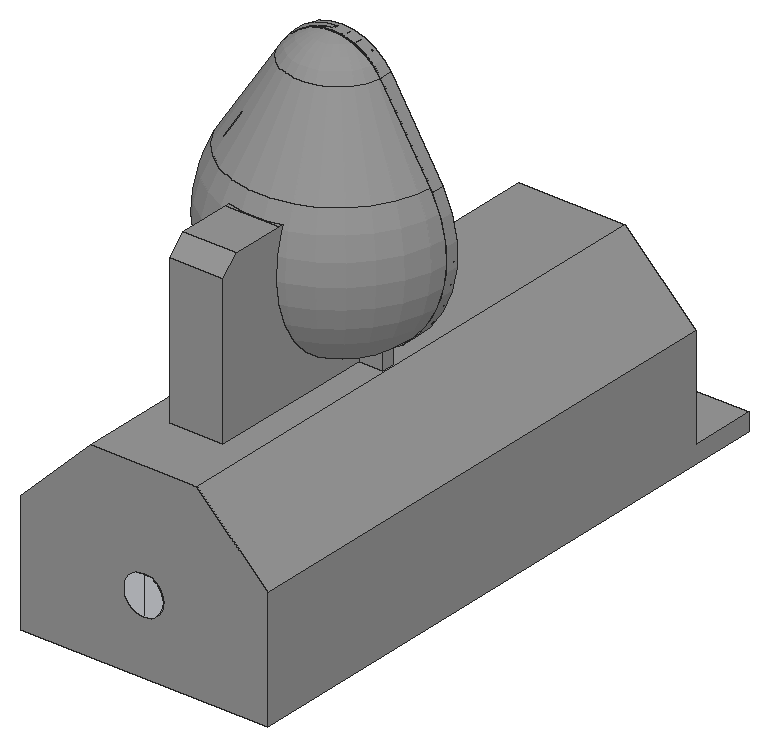
Revit family "Combination-Willoughby-ECF-1546-C-ON", category Plumbing Fixtures, Revit 2015
Parameters (values of type "Standard")
  Waste DIA = 2 3/8"
  Waste Connection = yes
  Vent Connection = no
  URL = "https://www.willoughby-ind.com/wp-content/uploads/2017/05/1546.pdf"
  Stainless Steel = ""
  Revision = "A"
  Model = "ECF-1546-C-ON"
  Manufacturer = "Willoughby Industries"
  Lav Waste DIA = 1 1/2"
  Lav Waste Connection = yes
  HW Connection = no
  Flush Inlet DIA = 1 1/2"
  Flush Inlet Connection = yes
  Fixture Body = Stainless Steel AISI 304-Willoughby
  Description = "1546 Combination Unit, Floor toilet waste outlet, Center toilet, On Floor mounted"
  Default Elevation = 0' - 0"
  Contact = "(800) 428-4065"
  CW Connection = no
Reference planes (in)
  plane 1 "Center (Front/Back)": y = 0
  plane 2: z = 0
  plane 3 "Center (Left/Right)": x = 0
  plane 4: z = 16.78928
  plane 5: z = 6.5
  plane 6: through (4.45954, 0, 8.54046) normal (0.7071, 0, -0.7071)
  plane 7: through (7.5, 0, 7.25) normal (0.7071, 0, -0.7071)
  plane 8: through (3.25, 0, 11.5) normal (0.7071, 0, -0.7071)
  plane 9: through (-5.375, 0, 9.375) normal (0.7071, 0, 0.7071)
  plane 10 "On Floor  Waste": z = 4.5
  plane 11: z = 27.43017
  plane 12: z = 32.30517
  plane 13: x = 3
  plane 14: x = -3
  plane 15: x = 3.09375
  plane 16: x = -3.09375
Forms (in)
  Extrusion 1, solid, material "Stainless Steel AISI 304-Willoughby" <- "Fixture Body"
    sketch origin (0, 0.57053, 3.82053) x (1, 0, 0) y (0, 0, 1)
      loop
        line (7.5, 7.25) -> (3.21346, 11.53654) -> (-3.21346, 11.53654) -> (-7.5, 7.25) -> (-7.5, 0) -> (7.5, 0) -> (7.5, 7.25)
    from -12.5 to 19.99802
  Extrusion 2, solid, material "Stainless Steel AISI 304-Willoughby" <- "Fixture Body"
    sketch origin (0, 0.57053, 3.82053) x (0, 1, 0) y (0, 0, 1)
      loop
        line (12.5, 0) -> (16.5, 0) -> (16.5, 1.0625) -> (12.5, 1.0625) -> (12.5, 0)
    from 7.5 to -7.5
  Extrusion 3, void
    sketch origin (0, 19.57053, 3.82053) x (1, 0, 0) y (0, 0, 1)
      loop
        line (6.02576, 6.97424) -> (2.89332, 10.10668)
        arc (2.89332, 10.10668) -> (2.45766, 10.39778) -> (1.94376, 10.5) r 1.34289
        line (1.94376, 10.5) -> (0, 10.5) -> (-1.94376, 10.5)
        arc (-1.94376, 10.5) -> (-2.45766, 10.39778) -> (-2.89332, 10.10668) r 1.34289
        line (-2.89332, 10.10668) -> (-6.02576, 6.97424)
        arc (-6.02576, 6.97424) -> (-6.41304, 6.18891) -> (-6.24222, 5.33011) r 1.36204
        line (-6.24222, 5.33011) -> (-4.64434, 2.5625)
        arc (-4.64434, 2.5625) -> (-4.46132, 2.37949) -> (-4.21132, 2.3125) r 0.5
        line (-4.21132, 2.3125) -> (0, 2.3125) -> (4.21132, 2.3125)
        arc (4.21132, 2.3125) -> (4.46132, 2.37949) -> (4.64434, 2.5625) r 0.5
        line (4.64434, 2.5625) -> (6.24222, 5.33011)
        arc (6.24222, 5.33011) -> (6.41304, 6.18891) -> (6.02576, 6.97424) r 1.36204
    from 12.5 to 6.5
  Revolve 4, solid
    sketch origin (0, 4.82053, -8.17947) x (0, 0, -1) y (-1, 0, 0)
      loop
        line (-12, 0) -> (-14, 0) -> (-14, -0.75) -> (-8.9375, -0.75) -> (-8.9375, 0) -> (-12, 0)
      axis (-14, 0) -> (-8.9375, 0)
    angle from 0 to 360
  Revolve 5, solid
    sketch origin (9.71722, 1.07053, -4.48387) x (0, 0, -1) y (-1, 0, 0)
      loop
        line (-8.28324, 4.84222) -> (-8.28324, 5.59222) -> (-10.33011, 5.59222) -> (-10.33011, 4.84222) -> (-8.28324, 4.84222)
      axis (-10.33011, 4.84222) -> (-8.28324, 4.84222)
    angle from 0 to 360
  Revolve 6, solid
    sketch origin (0, 0.57053, 3.82053) x (0, 1, 0) y (0, 0, 1)
      loop
        line (-19.99802, 4.5) -> (-17.25, 4.5) -> (-17.25, 5.6875) -> (-19.99802, 5.6875) -> (-19.99802, 4.5)
      axis (-17.25, 4.5) -> (-19.99802, 4.5)
    angle from 0 to 360
  Revolve 7, solid, material "Stainless Steel AISI 304-Willoughby" <- "Fixture Body"
    sketch origin (0, -4.67947, 11.17142) x (0, 0, -1) y (-1, 0, 0)
      loop
        arc (-15.11772, -6.02566) -> (-8.08661, -6.08019) -> (-4.55522, 0) r 7
        line (-4.55522, 0) -> (-5.05522, 0)
        arc (-5.05522, 0) -> (-8.33208, -5.64458) -> (-14.85871, -5.59794) r 6.5
        line (-14.85871, -5.59794) -> (-19.73107, -2.57392)
        arc (-19.73107, -2.57392) -> (-20.77675, -1.47245) -> (-21.14896, 0) r 3
        line (-21.14896, 0) -> (-21.64897, 0)
        arc (-21.64897, 0) -> (-21.21369, -1.71553) -> (-19.99474, -2.99875) r 3.5
        line (-19.99474, -2.99875) -> (-15.11772, -6.02566)
      axis (-21.64897, 0) -> (-4.55522, 0)
    angle from 0 to 180
  Extrusion 8, solid, material "Stainless Steel AISI 304-Willoughby" <- "Fixture Body"
    sketch origin (0.03125, -4.67947, 10.95633) x (0, 0, -1) y (-1, 0, 0)
      loop
        arc (-15.1714, -6.11221) -> (-9.6666, -6.67673) -> (-5.47627, -3.0625) r 6.99024
        line (-5.47627, -3.0625) -> (-4.40074, -3.0625) -> (-4.40074, 3.125) -> (-5.50728, 3.125)
        arc (-5.50728, 3.125) -> (-9.77099, 6.70838) -> (-15.2994, 6.03277) r 6.98205
        line (-15.2994, 6.03277) -> (-20.26934, 2.94819)
        arc (-20.26934, 2.94819) -> (-21.86421, 0) -> (-20.26934, -2.94819) r 3.52237
        line (-20.26934, -2.94819) -> (-15.1714, -6.11221)
      loop
        line (-19.2037, -1.63051) -> (-13.90898, -3.88749)
        arc (-13.90898, -3.88749) -> (-7.01063, 0) -> (-13.90898, 3.88749) r 4.54455
        line (-13.90898, 3.88749) -> (-19.2037, 1.63051)
        arc (-19.2037, 1.63051) -> (-20.08388, 0) -> (-19.2037, -1.63051) r 1.95034
    from 0.25 to -0.5
  Extrusion 9, solid, material "Stainless Steel AISI 304-Willoughby" <- "Fixture Body"
    sketch origin (0, -4.42947, 15.35707) x (0, 1, 0) y (0, 0, 1)
      loop
        line (-6.74564, 9.96996) -> (-9.99564, 9.96996) -> (-11, 8.9656) -> (-11, 0) -> (-0.75, 0) -> (-0.75, 0.7274)
        arc (-0.75, 0.7274) -> (-5.87123, 3.93997) -> (-6.30349, 9.96996) r 6.68108
        line (-6.30349, 9.96996) -> (-6.74564, 9.96996)
    from 1.625 to -1.625
Cuts and joins
  Extrusion 3 cuts Extrusion 1
  joined: Extrusion 1, Extrusion 2
Lines and regions (in)
  symbolic lines
    curve 1: line (7.5, 0, 0) -> (7.5, 0, 7.25)
    curve 2: line (3.25, 0, 11.5) -> (-3.25, 0, 11.5)
    curve 3: line (-7.5, 0, 7.25) -> (-7.5, 0, 0)
    curve 21: line (0, 16.5, 0) -> (0, 16.5, 1.0625)
    curve 22: line (0, 12.5, 1.0625) -> (0, 12.5, 11.5)
    curve 23: line (0, -20, 11.5) -> (0, -20, 0)
    curve 24: line (0, 16.5, 1.0625) -> (0, 12.5, 1.0625)
    curve 25: line (0, 12.5, 11.5) -> (0, -20, 11.5)
    curve 26: line (0, -20, 0) -> (0, 16.5, 0)
    curve 27: line (0, -5, 11.5) -> (0, -5, 30.14106)
    curve 28: line (0, -5, 30.14106) -> (0, -5.75, 30.14106)
    curve 29: arc (0, -5.75, 30.14106) -> (0, -7.20766, 29.56836) -> (0, -8.2847, 28.43138) r 3.60359
    curve 30: line (0, -8.2847, 28.43138) -> (0, -11.27566, 23.60963)
    curve 31: arc (0, -11.27566, 23.60963) -> (0, -11.53497, 23.14025) -> (0, -11.74564, 22.64712) r 5.31233
    curve 32: line (0, -11.52456, 22.64712) -> (0, -14.99564, 22.64712)
    curve 33: line (0, -14.99564, 22.64712) -> (0, -16, 21.64276)
    curve 34: line (0, -16, 21.64276) -> (0, -16, 11.5)
    curve 35: line (0, -5.75, 11.5) -> (0, -5.75, 13.25)
    curve 36: arc (0, -5.75, 13.25) -> (0, -11.04556, 16.46866) -> (0, -11.52456, 22.64712) r 6.793
    curve 37: line (-7, -5.25, 0) -> (-7, -5, 0)
    curve 38: line (7.0301, -5, 0) -> (7.0301, -5.75, 0)
    curve 39: line (7.5, 0, 7.25) -> (3.25, 0, 11.5)
    curve 40: line (-3.25, 0, 11.5) -> (-7.5, 0, 7.25)
    curve 41: line (-7.5, 0, 0) -> (7.5, 0, 0)
  symbolic lines, detail levels medium+fine
    curve 4: line (7.5, 0, 1.0625) -> (-7.5, 0, 1.0625)
  symbolic lines, detail levels fine
    curve 5: line (4.21132, 0, 2.3125) -> (-4.21132, 0, 2.3125)
    curve 6: line (-4.64434, 0, 2.5625) -> (-6.24222, 0, 5.33011)
    curve 7: line (-6.02576, 0, 6.97424) -> (-2.89332, 0, 10.10668)
    curve 8: line (-1.94376, 0, 10.5) -> (1.94376, 0, 10.5)
    curve 9: line (2.89332, 0, 10.10668) -> (6.02576, 0, 6.97424)
    curve 10: line (6.24222, 0, 5.33011) -> (4.64434, 0, 2.5625)
    curve 11: arc (4.64434, 0, 2.5625) -> (4.46132, 0, 2.37949) -> (4.21132, 0, 2.3125) r 0.5
    curve 12: arc (6.24222, 0, 5.33011) -> (6.41304, 0, 6.18891) -> (6.02576, 0, 6.97424) r 1.36204
    curve 13: arc (2.89332, 0, 10.10668) -> (2.45766, 0, 10.39778) -> (1.94376, 0, 10.5) r 1.34289
    curve 14: arc (-1.94376, 0, 10.5) -> (-2.45766, 0, 10.39778) -> (-2.89332, 0, 10.10668) r 1.34289
    curve 15: arc (-6.02576, 0, 6.97424) -> (-6.41304, 0, 6.18891) -> (-6.24222, 0, 5.33011) r 1.36204
    curve 16: arc (-4.21132, 0, 2.3125) -> (-4.46132, 0, 2.37949) -> (-4.64434, 0, 2.5625) r 0.5
    curve 17: arc (1.66176, 0, 27.48056) -> (0.03125, 0, 28.36073) -> (-1.59926, 0, 27.48056) r 1.95034
    curve 18: arc (3.91874, 0, 22.18584) -> (0.03125, 0, 15.28749) -> (-3.85624, 0, 22.18584) r 4.54455
    curve 19: line (1.66176, 0, 27.48056) -> (3.91874, 0, 22.18584)
    curve 20: line (-1.59926, 0, 27.48056) -> (-4.13654, 0, 21.6438)
Dimensions and locks (in)
  level to plane 4 = 1' - 4.78928"
  level to plane 5 = 0' - 6 1/2"
  plane 4 to level = 1' - 4.78928"
  plane 13 to plane 14 = 0' - 6"
  aligned and locked: Extrusion 8 to Extrusion 9
  aligned and locked: Revolve 5 sketch curve to Revolve 5 sketch curve  (x2)
  aligned and locked: Extrusion 1 to Extrusion 8
Connectors (in)
  piping at (0, 4.82053, 0.75803), diameter 1.5, driven by "Lav Waste DIA", driven by "Lav Waste Connection"
    settings: on Revolve 4, index 1, connector inside diameter 24", connector length 0' - 0", flow factor 0, pipe flow 0 GPM, pressure drop 0.00 psi, fitting loss kfactor 0, connector angle 0.00°, fixture units 0, engagement length 0' - 0", angle of deflection 0.00°, flow configuration 0, flow direction 2, fitting loss method 0, system type 16, joint type 0, gender type 0, connector reference index -1, connector utility 1, adjustable connector no, is connector primary yes, connector description "Sink Drain"
  piping at (0, -19.42749, 8.32053), diameter 2.375, driven by "Waste DIA", driven by "Waste Connection"
    settings: on Revolve 6, index 3, connector inside diameter 24", connector length 0' - 0", flow factor 0, pipe flow 0 GPM, pressure drop 0.00 psi, fitting loss kfactor 0, connector angle 0.00°, fixture units 0, engagement length 0' - 0", angle of deflection 0.00°, flow configuration 0, flow direction 2, fitting loss method 0, system type 16, joint type 0, gender type 0, connector reference index -1, connector utility 1, adjustable connector no, is connector primary no, connector description "Toilet Waste"
  piping at (4.875, 1.07053, 3.79937), diameter 1.5, driven by "Flush Inlet DIA", driven by "Flush Inlet Connection"
    settings: on Revolve 5, index 4, connector inside diameter 24", connector length 0' - 0", flow factor 0, pipe flow 0 GPM, pressure drop 0.00 psi, fitting loss kfactor 0, connector angle 0.00°, fixture units 0, engagement length 0' - 0", angle of deflection 0.00°, flow configuration 0, flow direction 1, fitting loss method 0, system type 20, joint type 0, gender type 0, connector reference index -1, connector utility 1, adjustable connector no, is connector primary no, connector description "Flush Inlet"
